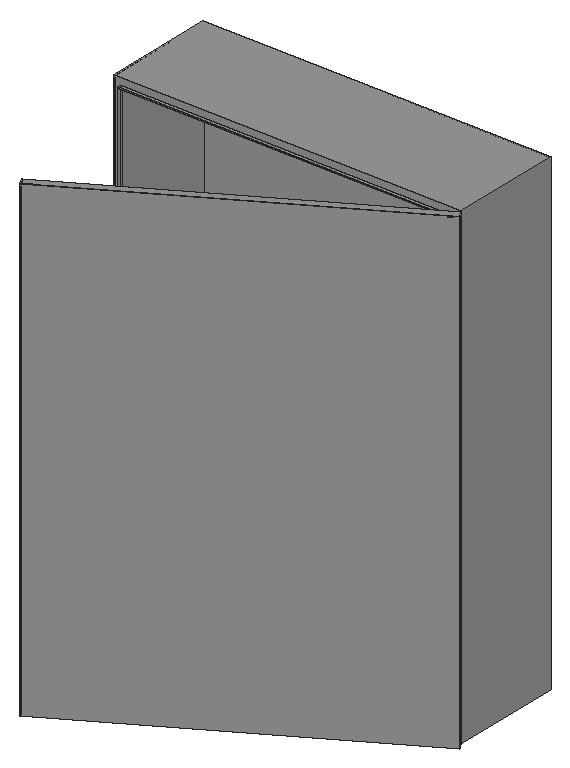
Revit family "Hager-Univers-IP55-D275-H1100-Cl.II-Steel_encl-NoHosted-DE-de", category Equipement électrique, Revit 2020
Family settings
  Configuration du panneau = Deux colonnes, circuits au sein
  Cote de connecteur circulaire = Utiliser le diamètre
  Type d'élément = Tableau de raccordement
  Basée sur le plan de construction = Oui
  Toujours verticalement = Oui
  Couper avec des vides une fois chargée = Non
  Partagée = Non
  Point de calcul de pièce = Non
Parameters (values of type "Aufputz IP55 B800 H1100 T275  - FR73S")
  Width Control [instance] = if([EF000008 - Breite] > Min Width, [EF000008 - Breite], Min Width)  # 800 mm
  Commentaires du type = [HG000003 - Bereich]  # "Univers"
  Thickness Door [instance] = if([EF009171 - Materialstärke Tür/Deckel] > 3 mm, 3 mm, [EF009171 - Materialstärke Tür/Deckel])  # 1.5 mm
  Seal Frame Offset [instance] = 17 mm  # constant formula
  Plinth Visibility [instance] = [HG000027 - Sockelhöhe] > 0 mm  # no
  Min Width [instance] = 100 mm  # constant formula
  Min Depth [instance] = (2 * [EF009170 - Materialstärke Gehäuse]) + 1 mm  # 4 mm
  Min Height [instance] = 100 mm  # constant formula
  Internal Frame Depth [instance] = (Door System Depth * 0.5)  # 9 mm
  Panel Name [instance] = ""  # (empty or 0)
  Model = ""
  HG000027 - Sockelhöhe = 0 mm
  HG000026 - Stehend auf dem Boden = no
  HG000024 - Höhe des unteren Teils = 600 mm
  HG000023 - Gehäuse mit doppeltem Querschnitt = no
  HG000016 - 3D-Türsichtbarkeit [instance] = yes
  HG000015 - Sichtbarkeit der Türöffnung [instance] = no
  HG000014 - Tür rechts [instance] = yes
  HG000013 - Tür links [instance] = not([HG000014 - Tür rechts])  # no
  HG000012 - Türschwenkwinkel [instance] = 30.00°
  HG000010 - Asymmetrische Türen = no
  HG000009 - Doppelflügeligen Tür = no
  HG000006 - Unterputz = no
  HG000004 - Herstellerreferenz = "FR73S"
  HG000003 - Bereich = "Univers"
  HG000002 - Mit tür = yes
  Frame Offset Bottom [instance] = 10 mm  # constant formula
  Frame Offset [instance] = 15 mm  # constant formula
  EF015940 - Deckel mit Überdruckentlastung = no
  EF011959 - Schutzart (NEMA) = ""
  EF009554 - Anzahl der Öffnungen für Flanschplatten = 6
  EF009212 - Ausführung Deckel = "EV000116 - geschlossen"
  EF009171 - Materialstärke Tür/Deckel = 1.5 mm
  EF009170 - Materialstärke Gehäuse = 1.5 mm
  EF008873 - Nennstrom (In) = 800 A
  EF007800 - Geeignet für Blitzschutz = no
  EF006306 - Mit Schloss = no
  EF006244 - Transparenter Deckel/Tür = no
  EF005474 - Schutzart (IP) = "EV006420 - IP55"
  EF004464 - Art der Tür = "EV002646 - Einzel"
  EF004427 - Anzahl der Module = 252
  EF004293 - Schlagfestigkeit = "EV008784 - IK10"
  EF003532 - Geeignet für Außengebrauch = no
  EF002950 - Breite in Teilungseinheiten = 24
  EF001613 - Funktionserhalt = "EV000494 - ohne"
  EF001596 - Werkstoff des Gehäuses = "EV000179 - Stahl"
  EF001131 - Innentiefe = 275 mm
  EF001088 - Anbaumöglichkeit = yes
  EF000437 - Anzahl der Leitungseinführungen = 6
  EF000339 - Art der Abdeckung = "EV004216 - Tür"
  EF000266 - Anzahl der Reihen = 7
  EF000218 - Einbautiefe = 0 mm
  EF000118 - Mit Montageplatte = no
  EF000116 - RAL-Nummer = "7035"
  EF000049 - Tiefe = 275 mm
  EF000040 - Höhe = 1100 mm
  EF000008 - Breite = 800 mm
  EF000007 - Farbe = "EV000270 - grau"
  EF000003 - Montageart = "EV000384 - Aufputz"
  Door System Leaf Tolerance [instance] = 1.5 mm  # constant formula
  Door System Depth [instance] = 18 mm  # constant formula
  Door Height [instance] = Height Control - [HG000027 - Sockelhöhe]  # 1100 mm
  Description = ""
  Default Elevation = 1219.2 mm
  Connector Offset [instance] = Height Control / 2  # 550 mm
  Fabricant = "Hager"  # constant formula
  Height Control [instance] = if([EF000040 - Höhe] > Min Height, [EF000040 - Höhe], Min Height)  # 1100 mm
  Depth Control [instance] = if([EF000049 - Tiefe] > Min Depth, [EF000049 - Tiefe], Min Depth)  # 275 mm
  Bottom Top Plate Trim [instance] = 1.5 mm  # constant formula
  Plinth height Ctrl [instance] = if([HG000027 - Sockelhöhe] > 0 mm, [HG000027 - Sockelhöhe], 12 mm)  # 12 mm
Types (5, lengths in mm): name | Width Control | HG000010 - Asymmetrische Türen | HG000009 - Doppelflügeligen Tür | HG000004 - Herstellerreferenz | EF009554 - Anzahl der Öffnungen für Flanschplatten | EF004464 - Art der Tür | EF004427 - Anzahl der Module | EF000437 - Anzahl der Leitungseinführungen | EF000008 - Breite
  Aufputz IP55 B1050 H1100 T275  - FR74S | 1050 | no | yes | "FR74S" | 8 | "EV003602 - Doppel" | 336 | 8 | 1050
  Aufputz IP55 B1300 H1100 T275  - FR75S | 1300 | yes | yes | "FR75S" | 10 | "EV003602 - Doppel" | 420 | 10 | 1300
  Aufputz IP55 B300 H1100 T275  - FR71S | 300 | no | no | "FR71S" | 2 | "EV002646 - Einzel" | 84 | 2 | 300
  Aufputz IP55 B550 H1100 T275  - FR72S | 550 | no | no | "FR72S" | 4 | "EV002646 - Einzel" | 168 | 4 | 550
  Aufputz IP55 B800 H1100 T275  - FR73S | 800 | no | no | "FR73S" | 6 | "EV002646 - Einzel" | 252 | 6 | 800
Reference planes
  plane 1 "Center (Front/Back)": y = 0
  plane 2: z = 0
  plane 3 "Center (Left/Right)": x = 0
  plane 4: y = 0
  plane 5: y = 0
  plane 6: z = 0
  plane 7: x = -400
  plane 8: x = 400
  plane 9: x = 398.5
  plane 10: x = -398.5
  plane 11: z = 0
  plane 12: z = 1.5
  plane 13: y = -275
  plane 14: y = -1.5
  plane 15: x = 0
  plane 16: y = -257
  plane 17: y = -273.5
  plane 18: y = -255.5
  plane 19: x = -383.5
  plane 20: x = 383.5
  plane 21: z = 11.5
  plane 22: x = -383
  plane 23: x = 383
  plane 24: z = 0
  plane 25: z = 1100
  plane 26: z = 1100
  plane 27: z = 1083.5
  plane 28: z = 1098.5
Forms (mm)
  Extrusion 1, solid, material "Hager_Steel_RAL7035_Light_Grey", detail levels medium+fine
    sketch origin (-208.679, -4572, 0) x (-1, 0, 0) y (0, -1, 0)
      loop
        line (191.321, -4315) -> (-608.679, -4315) -> (-608.679, -4572) -> (191.321, -4572) -> (191.321, -4315)
    from 0 to 1100
  Extrusion 2, void
    sketch origin (-350.771, -275, 1219.2) x (1, 0, 0) y (0, 0, 1)
      loop
        line (-47.729, -120.7) -> (-47.729, -1217.7) -> (749.271, -1217.7) -> (749.271, -120.7) -> (-47.729, -120.7)
    from -19.5 to -273.5
  Extrusion 3, void
    sketch origin (-290.084, -257, 1219.2) x (1, 0, 0) y (0, 0, 1)
      loop
        line (-93.416, -1207.7) -> (673.584, -1207.7) -> (673.584, -135.7) -> (-93.416, -135.7) -> (-93.416, -1207.7)
    from 0 to -1.5
  Extrusion 4, solid, material "Hager_Steel_RAL7035_Light_Grey", visible <- "Plinth Visibility", detail levels medium+fine
    sketch origin (0, 0, 0) x (1, 0, 0) y (0, 1, 0)
      loop
        line (-400, 0) -> (-400, -257) -> (400, -257) -> (400, 0) -> (-400, 0)
    from 0 to 12 <- "Plinth height Ctrl"
  Extrusion 5, solid, material "Hager_Steel_RAL7035_Light_Grey", detail levels coarse
    sketch origin (0, 0, 0) x (1, 0, 0) y (0, 1, 0)
      loop
        line (-400, 0) -> (-400, -275) -> (400, -275) -> (400, 0) -> (-400, 0)
    from 0 to 1100 <- "Height Control"
  Sweep 6, void
    path in 3D
      loop
        line (-400, -257, 12) -> (400, -257, 12) -> (400, 0, 12) -> (-400, 0, 12) -> (-400, -257, 12)
    profile origin (-400, -128.5, 12) x (1, 0, 0) y (0, 0, 1)
      loop
        line (0, 0) -> (0, -1.5) -> (1.5, -1.5)
        arc (1.5, -1.5) -> (1.061, -0.439) -> (0, 0) r 1.5
  Extrusion 7, solid, material "Hager_Steel_RAL7035_Light_Grey", detail levels fine
    sketch origin (-400, -257, 0) x (1, 0, 0) y (0, 0, 1)
      loop
        line (16.5, 11.5) -> (783.5, 11.5) -> (783.5, 1083.5) -> (16.5, 1083.5) -> (16.5, 11.5)
      loop
        line (15, 10) -> (785, 10) -> (785, 1085) -> (15, 1085) -> (15, 10)
    from 0 to 9 <- "Internal Frame Depth"
Cuts and joins
  Extrusion 2, Extrusion 3 cuts Extrusion 1
  Sweep 6 cuts Extrusion 4
Lines and regions (mm)
  Masking region 1
    outline origin (0, 0, 0) x (1, 0, 0) y (0, 1, 0)
      loop
        line (-400, 0) -> (-400, -275) -> (400, -275) -> (400, 0) -> (-400, 0)
  Masking region 2, detail levels coarse
    outline origin (-290.084, -257, 1219.2) x (-1, 0, 0) y (0, 0, 1)
      loop
        line (-690.084, -1219.2) -> (109.916, -1219.2) -> (109.916, -119.2) -> (-690.084, -119.2) -> (-690.084, -1219.2)
  Masking region 3, detail levels coarse
    outline origin (0, 0, 0) x (0, 1, 0) y (0, 0, 1)
      loop
        line (0, 0) -> (0, 1100) -> (-275, 1100) -> (-275, 0) -> (0, 0)
  Masking region 4, visible <- "Plinth Visibility", detail levels medium+fine
    outline origin (0, 0, 0) x (0, 1, 0) y (0, 0, 1)
      loop
        line (-1.5, 12) -> (-255.5, 12)
        arc (-255.5, 12) -> (-255.939, 10.939) -> (-257, 10.5) r 1.5
        line (-257, 10.5) -> (-257, 0) -> (0, 0) -> (0, 10.5)
        arc (0, 10.5) -> (-1.061, 10.939) -> (-1.5, 12) r 1.5
  Masking region 5, detail levels medium+fine
    outline origin (0, 0, 594.038) x (0, 1, 0) y (0, 0, 1)
      loop
        line (0, -594.038) -> (0, 505.962) -> (-257, 505.962) -> (-257, -594.038) -> (0, -594.038)
  Masking region 6, detail levels medium+fine
    outline origin (-359.7, -257, 1211.883) x (-1, 0, 0) y (0, 0, 1)
      loop
        line (-759.7, -1211.883) -> (40.3, -1211.883) -> (40.3, -111.883) -> (-759.7, -111.883) -> (-759.7, -1211.883)
  Masking region 7, visible <- "Plinth Visibility", detail levels medium+fine
    outline origin (-320.334, -257, 1041.368) x (-1, 0, 0) y (0, 0, 1)
      loop
        line (-720.334, -1041.368) -> (79.666, -1041.368) -> (79.666, -1030.868)
        arc (79.666, -1030.868) -> (78.606, -1030.429) -> (78.166, -1029.368) r 1.5
        line (78.166, -1029.368) -> (-718.834, -1029.368)
        arc (-718.834, -1029.368) -> (-719.273, -1030.429) -> (-720.334, -1030.868) r 1.5
        line (-720.334, -1030.868) -> (-720.334, -1041.368)
  sketch lines
    curve 1: line (-400, 0, 12) -> (-400, -257, 12)
    curve 2: line (-400, -257, 12) -> (400, -257, 12)
    curve 3: line (400, 0, 12) -> (-400, 0, 12)
    curve 4: line (400, -257, 12) -> (400, 0, 12)
Dimensions and locks
  locked: plane 1 "Center (Front/Back)" to plane 5
  "EF009170 - Materialstärke Gehäuse": plane 7 to plane 10
  "EF009170 - Materialstärke Gehäuse": plane 8 to plane 9
  equal spacing: plane 7, plane 3 "Center (Left/Right)", plane 8
  "Width Control": plane 7 to plane 8
  "Depth Control": plane 4 to plane 13
  "EF009170 - Materialstärke Gehäuse": plane 4 to plane 14
  "Height Control": plane 25 to level
  "HG000027 - Sockelhöhe": plane 11 to level
  "EF009170 - Materialstärke Gehäuse": plane 12 to plane 11
  "EF009170 - Materialstärke Gehäuse": plane 17 to plane 13
  "EF009170 - Materialstärke Gehäuse": plane 18 to plane 16
  "Frame Offset Bottom": plane 21 to plane 12
  "Frame Offset": plane 10 to plane 19
  "Frame Offset": plane 9 to plane 20
  "Door System Depth": plane 16 to plane 13
  "Seal Frame Offset": plane 7 to plane 22
  "Seal Frame Offset": plane 8 to plane 23
  "EF009170 - Materialstärke Gehäuse": plane 26 to plane 28
  "Frame Offset": plane 28 to plane 27
  "Connector Offset": plane 2 to connector elem
  "Bottom Top Plate Trim": profile plane to Sweep 6 sketch curve
  "Bottom Top Plate Trim": Sweep 6 sketch curve to Sweep 6 sketch curve
  "Plinth height Ctrl": Masking region 4 sketch curve to level
  "Plinth height Ctrl": Masking region 7 sketch curve to level
  "Thickness Door": Extrusion 7 sketch curve to Extrusion 7 sketch curve  (x4)
  "Bottom Top Plate Trim": radius of Sweep 6 sketch curve
  "Bottom Top Plate Trim": radius of Masking region 4 sketch curve  (x2)
  "Bottom Top Plate Trim": radius of Masking region 7 sketch curve  (x2)
  aligned and locked: Extrusion 2 sketch curve to plane 12
  aligned and locked: Extrusion 2 sketch curve to plane 9
  aligned and locked: Extrusion 2 sketch curve to plane 10
  aligned and locked: Extrusion 2 to plane 14
  aligned and locked: Extrusion 1 sketch curve to plane 4
  aligned and locked: plane 8 to Extrusion 1 sketch curve
  aligned and locked: plane 7 to Extrusion 1 sketch curve
  aligned and locked: Extrusion 2 to plane 18
  aligned and locked: Extrusion 3 sketch curve to plane 19
  aligned and locked: plane 20 to Extrusion 3 sketch curve
  aligned and locked: Extrusion 3 to Extrusion 2
  aligned and locked: Extrusion 3 sketch curve to plane 21
  aligned and locked: plane 3 "Center (Left/Right)" to nested 1
  aligned and locked: Extrusion 1 sketch curve to plane 16
  aligned and locked: Extrusion 4 sketch curve to cut or joined group of Extrusion 1, Extrusion 2, Extrusion 3
  aligned and locked: Masking region 1 sketch curve to plane 7
  aligned and locked: Masking region 1 sketch curve to plane 5
  aligned and locked: Masking region 1 sketch curve to plane 8
  aligned and locked: Masking region 2 sketch curve to level
  aligned and locked: level to Masking region 3 sketch curve
  aligned and locked: plane 1 "Center (Front/Back)" to Masking region 3 sketch curve
  aligned and locked: plane 13 to Masking region 3 sketch curve
  aligned and locked: plane 5 to Masking region 4 sketch curve
  aligned and locked: Masking region 2 sketch curve to plane 8
  aligned and locked: Masking region 2 sketch curve to plane 7
  aligned and locked: plane 7 to nested 2
  aligned and locked: nested 2 to plane 5
  aligned and locked: plane 5 to Masking region 5 sketch curve
  aligned and locked: plane 26 to Masking region 5 sketch curve
  aligned and locked: Extrusion 5 sketch curve to plane 8
  aligned and locked: Extrusion 5 sketch curve to plane 7
  aligned and locked: Extrusion 5 sketch curve to plane 5
  aligned and locked: Extrusion 3 sketch curve to plane 27
  aligned and locked: Extrusion 2 sketch curve to plane 28
  aligned and locked: Masking region 2 to plane 25
  aligned and locked: Extrusion 4 to plane 16
  aligned and locked: profile plane to Sweep 6 sketch curve
  aligned and locked: Masking region 5 sketch curve to plane 24
  aligned and locked: level to Masking region 4 sketch curve
  aligned and locked: Masking region 1 to plane 13
  aligned and locked: nested 1 to plane 16
  aligned and locked: Masking region 3 to plane 25
  aligned and locked: plane 16 to Masking region 4 sketch curve
  aligned and locked: Masking region 5 sketch curve to plane 16
  aligned and locked: plane 24 to plane 11
  aligned and locked: plane 26 to plane 25
  aligned and locked: plane 26 to cut or joined group of Extrusion 1, Extrusion 2, Extrusion 3
  aligned and locked: nested 1 to plane 24
  aligned and locked: Extrusion 1 to Extrusion 3
  aligned and locked: Masking region 6 sketch curve to plane 8
  aligned and locked: Masking region 6 sketch curve to plane 24
  aligned and locked: Masking region 6 sketch curve to plane 7
  aligned and locked: Masking region 6 sketch curve to plane 26
  aligned and locked: Masking region 7 sketch curve to plane 7
  aligned and locked: level to Masking region 7 sketch curve
  aligned and locked: Masking region 7 sketch curve to plane 8
  aligned and locked: Extrusion 7 sketch curve to cut or joined group of Extrusion 1, Extrusion 2, Extrusion 3  (x4)
Automatic sketch dimensions
  plane 19 to Extrusion 3 sketch curve = 0 mm
  Extrusion 3 sketch curve to plane 20 = 0 mm
  Extrusion 3 sketch curve to plane 21 = 0 mm
  Extrusion 4 sketch curve to plane 7 = 0 mm
  Extrusion 4 sketch curve to plane 8 = 0 mm
  Extrusion 4 sketch curve to plane 16 = 0 mm
  Masking region 1 sketch curve to plane 13 = 0 mm
  Masking region 2 sketch curve to plane 25 = 0 mm
  Masking region 3 sketch curve to plane 25 = 0 mm
  Extrusion 5 sketch curve to plane 13 = 0 mm
  profile plane to Sweep 6 sketch curve = 0 mm
Nested families
  nested 1: "EC000058_Univers_Door" at (0, -257, 0), Double <- "HG000009 - Doppelflügeligen Tür", Transparent <- "EF006244 - Transparenter Deckel/Tür", Angle <- "HG000012 - Türschwenkwinkel", Door_Right <- "HG000014 - Tür rechts", Assymetrical <- "HG000010 - Asymmetrische Türen", Door <- "HG000002 - Mit tür", Width_Ctrl <- "Width Control", 3d_Door <- "HG000016 - 3D-Türsichtbarkeit", Clearance <- "HG000015 - Sichtbarkeit der Türöffnung", Door_Left <- "HG000013 - Tür links", Width <- "Width Control", Door_Depth <- "Door System Depth", Leaf_Tolerance <- "Door System Leaf Tolerance", Height <- "Door Height", Lock_Visibility <- "EF006306 - Mit Schloss", Thickness <- "Thickness Door", type "EC000058_Univers_Door", detail levels medium+fine
    with min_wh 4 mm, Width_Ctrl 800 mm, Width 800 mm, Transparent no, Thickness 1.5 mm, Seal_Material Hager_Rubber, Lock_Visibility no, Lock_Material Hager_Plastic_RAL9005_Jet_Black, Leaf_Width 800 mm, Leaf_Tolerance_External_Sides 0 mm, Leaf_Tolerance 1.5 mm, Leaf_Offset 0 mm, Leaf_Height 1097 mm, Leaf_2_Width 800 mm, Leaf_2_Offset 400 mm, Leaf_1_Width 800 mm, Leaf_1_Offset 400 mm, Height_Ctrl 1100 mm, Height 1100 mm, Glass_Material Hager_Glass, Double_Clearance_Ctrl no, Double no, Door_Right_Ctrl yes, Door_Right yes, Door_Material Hager_Steel_RAL7035_Light_Grey, Door_Left_Ctrl no, Door_Left no, Door_Depth 18 mm, Door yes, Clearance_Material Hager_Clearance, Clearance_Depth 800 mm, Clearance_Ctrl no, Clearance no, Assymetrical no, Angle 30.00°, 3d_Door yes
  nested 2: "Hager_Enclosure_Symbol" at (-400, 0, 0), Height <- "Depth Control", Width <- "Width Control", type "Hager_Enclosure_Symbol"
    with Width_Ctrl 800 mm, Width 800 mm, Height_Ctrl 275 mm, Height 275 mm, A_Width_Int 18.047 mm, A_Width 216.562 mm, A_Height_Ctrl 240.625 mm, A_Height 240.625 mm
Connectors
  electrical at (0, 0, 550)
    settings: on plane 1 "Center (Front/Back)", index 1, voltage 0 V, apparent load 0 VA, apparent load phase1 0 VA, apparent load phase2 0 VA, apparent load phase3 0 VA, power factor 1, load classification "Other", number of poles 1, system type 30, power factor state 1, is connector primary yes, connector utility no, sub classification motor no, connector description ""
Definition of nested family "EC000058_Univers_Door"
  Parameters (values of type "EC000058_Univers_Door")
    min_wh [instance] = (2 * Thickness) + 1 mm  # 11 mm
    Width_Ctrl [instance] = 400 mm
    Width [instance] = 500 mm
    Transparent [instance] = yes
    Thickness [instance] = 5 mm
    Seal_Material [instance] = none
    Lock_Visibility [instance] = yes
    Lock_Material [instance] = none
    Leaf_Width [instance] = if((Width_Ctrl - 2 * Leaf_Tolerance_External_Sides) > 0 mm, (Width_Ctrl - 2 * Leaf_Tolerance_External_Sides), min_wh)  # 400 mm
    Leaf_Tolerance_External_Sides [instance] = 0 mm  # constant formula
    Leaf_Tolerance [instance] = 1.5 mm
    Leaf_Offset [instance] = 0 mm  # constant formula
    Leaf_Height [instance] = if((Height_Ctrl - 2 * Leaf_Tolerance) > 0 mm, (Height_Ctrl - 2 * Leaf_Tolerance), min_wh)  # 497 mm
    Leaf_2_Width [instance] = if(and(and(Double, Assymetrical), Door_Left), (Leaf_Width / 3) - (Leaf_Tolerance / 2), if(and(and(Double, Assymetrical), Door_Right), (Leaf_Width / 3) * 2 - (Leaf_Tolerance / 2), if(and(Double, not(Assymetrical)), (Leaf_Width / 2) - Leaf_Tolerance, Leaf_Width)))  # 400 mm
    Leaf_2_Offset [instance] = if(and(Double, Assymetrical), Leaf_2_Width / 2, if(and(Double, not(Assymetrical)), Leaf_Width / 4, Leaf_Width / 2))  # 200 mm
    Leaf_1_Width [instance] = if(and(and(Double, Assymetrical), Door_Right), (Leaf_Width / 3) - (Leaf_Tolerance / 2), if(and(and(Double, Assymetrical), Door_Left), (Width / 3) * 2 - (Leaf_Tolerance / 2), if(and(Double, not(Assymetrical)), (Leaf_Width / 2) - Leaf_Tolerance, Leaf_Width)))  # 400 mm
    Leaf_1_Offset [instance] = if(and(Double, Assymetrical), Leaf_1_Width / 2, if(and(Double, not(Assymetrical)), Leaf_Width / 4, Leaf_Width / 2))  # 200 mm
    Height_Ctrl [instance] = if(Height > min_wh, Height, min_wh)  # 500 mm
    Height [instance] = 500 mm
    Glass_Material [instance] = none
    Double_Clearance_Ctrl [instance] = and(Double, Clearance)  # no
    Double [instance] = no
    Door_Right_Ctrl [instance] = and(or(Door_Right, Double), Door)  # yes
    Door_Right [instance] = yes
    Door_Material [instance] = none
    Door_Left_Ctrl [instance] = and(or(Door_Left, Double), Door)  # no
    Door_Left [instance] = no
    Door_Depth [instance] = 30 mm
    Door [instance] = yes
    Default Elevation = 1219.2 mm
    Clearance_Material [instance] = none
    Clearance_Depth [instance] = if(Leaf_1_Width > Leaf_2_Width, Leaf_1_Width, Leaf_2_Width)  # 400 mm
    Clearance_Ctrl [instance] = and(not(Double), Clearance)  # yes
    Clearance [instance] = yes
    Assymetrical [instance] = yes
    Angle [instance] = 30.00°
    3d_Door [instance] = yes
  Reference planes
    plane 1 "Center (Front/Back)": y = 0
    plane 2 "Bottom": z = 0
    plane 3 "Center (Left/Right)": x = 0
    plane 4: z = 500
    plane 5: x = -200
    plane 6: x = 200
    plane 7: z = 500
    plane 8: x = -200
    plane 9: z = 0
    plane 10: x = 200
    plane 11: y = 0
    plane 12: z = 1.5
    plane 13: x = -600
    plane 14: y = -400
    plane 15: x = 600
    plane 16: x = 0
    plane 17: x = 0
    plane 18: x = -200
    plane 19: x = 200
    plane 20: z = 498.5
  Forms (mm)
    Extrusion 1, solid, material <- "Clearance_Material", visible <- "Double_Clearance_Ctrl"
      sketch origin (1200, 0, 0) x (1, 0, 0) y (0, 0, -1)
        loop
          line (-1800, -498.5) -> (-600, -498.5) -> (-600, 0) -> (-1800, 0) -> (-1800, -498.5)
      from 0 to -400
  Dimensions and locks
    equal spacing: plane 5, plane 3 "Center (Left/Right)", plane 6
    "Width_Ctrl": plane 5 to plane 6
    "Leaf_Offset": plane 5 to plane 8
    "Leaf_Offset": plane 6 to plane 10
    "Leaf_Offset": plane 9 to level
    "Leaf_Offset": plane 4 to plane 7
    "Height_Ctrl": plane 4 to level
    "Leaf_Tolerance": plane 12 to plane 9
    locked: plane 11 to plane 1 "Center (Front/Back)"
    "Leaf_1_Offset": plane 18 to plane 16
    "Leaf_2_Offset": plane 17 to plane 19
    "Leaf_1_Width": plane 13 to plane 8
    "Leaf_2_Width": plane 10 to plane 15
    "Clearance_Depth": plane 14 to plane 1 "Center (Front/Back)"
    "Leaf_Tolerance_External_Sides": plane 8 to plane 18
    "Leaf_Tolerance_External_Sides": plane 19 to plane 10
    "Leaf_Tolerance": plane 7 to plane 20
    aligned and locked: level to plane 2 "Bottom"
    aligned and locked: nested 1 to plane 16
    aligned and locked: nested 2 to plane 17
    aligned and locked: Extrusion 1 to plane 13
    aligned and locked: plane 15 to Extrusion 1
    aligned and locked: Extrusion 1 to plane 14
    aligned and locked: plane 12 to nested 1
    aligned and locked: nested 2 to plane 12
    aligned and locked: Extrusion 1 to plane 11
    aligned and locked: plane 20 to Extrusion 1
    aligned and locked: nested 2 to plane 11
    aligned and locked: nested 1 to plane 11
  Automatic sketch dimensions
    Extrusion 1 sketch curve to level = 0 mm
    plane 5 to Extrusion 1 sketch curve = 400 mm
    plane 6 to Extrusion 1 sketch curve = 400 mm
    Extrusion 1 sketch curve to plane 4 = 1.5 mm
  Nested families
    nested 1: "EC000058_Univers_Door_Leaf" at (0, 0, 1.5), Width <- "Leaf_1_Width", visible <- "Door_Left_Ctrl", Leaf_Height <- "Leaf_Height", Angle <- "Angle", 3d_Door <- "3d_Door", Transparent <- "Transparent", Clearance Material <- "Clearance_Material", Clearance <- "Clearance_Ctrl", Door_Material <- "Door_Material", Glass_Material <- "Glass_Material", Door_Depth <- "Door_Depth", Lock_Material <- "Lock_Material", Seal_Material <- "Seal_Material", Lock_Visibility <- "Lock_Visibility", Thickness <- "Thickness", type "EC000058_Univers_Door_Leaf"
      with Width 400 mm, Transparent_Glass_Offset 30 mm, Transparent_Ctrl yes, Transparent yes, Thickness 5 mm, Standard no, Seal_Material none, Seal_D2 8 mm, Seal_D1 1 mm, Offset_Internal_Frame 10 mm, Lock_Width 20 mm, Lock_Visibility_3d yes, Lock_Visibility yes, Lock_Thickness_3 3 mm, Lock_Thickness_2 1 mm, Lock_Thickness_1 3 mm, Lock_Radius_Offset_2 16 mm, Lock_Radius_Offset_1 15 mm, Lock_Radius_2 5 mm, Lock_Radius 6 mm, Lock_Offset 5 mm, Lock_Material none, Lock_Height 80 mm, Lock_Cover_Top_Offset_2d 17 mm, Lock_Cover_Height -65 mm, Leaf_Height 497 mm, Internal_Seal_Thickness 8 mm, Internal_Seal_Depth_2 4.5 mm, Internal_Frame_Depth 25 mm, Glass_Thickness -1 mm, Glass_Offset -2 mm, Glass_Material none, Door_Material none, Door_Depth 30 mm, Clearance Material none, Clearance yes, Angle_Ctrl 30.00°, Angle 30.00°, 3d_Door yes
    nested 2: "EC000058_Univers_Door_Leaf" at (0, 0, 1.5) x (-1, 0, 0) z (0, 0, 1), Width <- "Leaf_2_Width", visible <- "Door_Right_Ctrl", Leaf_Height <- "Leaf_Height", Angle <- "Angle", 3d_Door <- "3d_Door", Transparent <- "Transparent", Clearance Material <- "Clearance_Material", Clearance <- "Clearance_Ctrl", Door_Material <- "Door_Material", Glass_Material <- "Glass_Material", Door_Depth <- "Door_Depth", Lock_Material <- "Lock_Material", Seal_Material <- "Seal_Material", Lock_Visibility <- "Lock_Visibility", Thickness <- "Thickness", type "EC000058_Univers_Door_Leaf"
      with Width 400 mm, Transparent_Glass_Offset 30 mm, Transparent_Ctrl yes, Transparent yes, Thickness 5 mm, Standard no, Seal_Material none, Seal_D2 8 mm, Seal_D1 1 mm, Offset_Internal_Frame 10 mm, Lock_Width 20 mm, Lock_Visibility_3d yes, Lock_Visibility yes, Lock_Thickness_3 3 mm, Lock_Thickness_2 1 mm, Lock_Thickness_1 3 mm, Lock_Radius_Offset_2 16 mm, Lock_Radius_Offset_1 15 mm, Lock_Radius_2 5 mm, Lock_Radius 6 mm, Lock_Offset 5 mm, Lock_Material none, Lock_Height 80 mm, Lock_Cover_Top_Offset_2d 17 mm, Lock_Cover_Height -65 mm, Leaf_Height 497 mm, Internal_Seal_Thickness 8 mm, Internal_Seal_Depth_2 4.5 mm, Internal_Frame_Depth 25 mm, Glass_Thickness -1 mm, Glass_Offset -2 mm, Glass_Material none, Door_Material none, Door_Depth 30 mm, Clearance Material none, Clearance yes, Angle_Ctrl 30.00°, Angle 30.00°, 3d_Door yes
  Definition of nested family "EC000058_Univers_Door_Leaf"
    Parameters (values of type "EC000058_Univers_Door_Leaf")
      Width [instance] = 2000 mm
      Transparent_Glass_Offset [instance] = 30 mm
      Transparent_Ctrl [instance] = and(Transparent, [3d_Door])  # yes
      Transparent [instance] = yes
      Thickness [instance] = 5 mm
      Standard [instance] = and(not(Transparent), [3d_Door])  # no
      Seal_Material [instance] = none
      Seal_D2 [instance] = 8 mm  # constant formula
      Seal_D1 [instance] = 1 mm  # constant formula
      Offset_Internal_Frame [instance] = 10 mm  # constant formula
      Lock_Width [instance] = 20 mm  # constant formula
      Lock_Visibility_3d [instance] = and(Lock_Visibility, [3d_Door])  # yes
      Lock_Visibility [instance] = yes
      Lock_Thickness_3 [instance] = 3 mm  # constant formula
      Lock_Thickness_2 [instance] = 1 mm  # constant formula
      Lock_Thickness_1 [instance] = 3 mm  # constant formula
      Lock_Radius_Offset_2 [instance] = Lock_Radius_Offset_1 + 1 mm  # 16 mm
      Lock_Radius_Offset_1 [instance] = 15 mm  # constant formula
      Lock_Radius_2 [instance] = Lock_Radius - 1 mm  # 5 mm
      Lock_Radius [instance] = 6 mm  # constant formula
      Lock_Offset [instance] = 5 mm  # constant formula
      Lock_Material [instance] = none
      Lock_Height [instance] = 80 mm  # constant formula
      Lock_Cover_Top_Offset_2d [instance] = Lock_Radius_Offset_2 + 1 mm  # 17 mm
      Lock_Cover_Height [instance] = -(Lock_Height - Lock_Radius_Offset_1)  # -65 mm
      Leaf_Height [instance] = 2720.336 mm
      Internal_Seal_Thickness [instance] = 8 mm  # constant formula
      Internal_Seal_Depth_2 [instance] = 4.5 mm  # constant formula
      Internal_Frame_Depth [instance] = if(Door_Depth - Thickness > 5 mm, Door_Depth - Thickness, 5 mm)  # 25 mm
      Glass_Thickness [instance] = if(Thickness > 15 mm, Glass_Offset + 10 mm, -1 mm)  # -1 mm
      Glass_Offset [instance] = if(Thickness > 15 mm, -(Thickness + 10 mm) / 2, -2 mm)  # -2 mm
      Glass_Material [instance] = none
      Door_Material [instance] = none
      Door_Depth [instance] = 30 mm
      Default Elevation = 0 mm
      Clearance Material [instance] = none
      Clearance [instance] = yes
      Angle_Ctrl [instance] = if(Angle > 180.00°, 180.00°, Angle)  # 90.00°
      Angle [instance] = 90.00°
      3d_Door [instance] = yes
    Reference planes
      plane 1 "Center (Front/Back)": y = 0
      plane 2: z = 0
      plane 3 "Center (Left/Right)": x = 0
      plane 4: y = 2000
      plane 5: x = -1000
      plane 6: x = 1000
      plane 7: x = -3000
      plane 8: z = 2720.336
      plane 9: z = 30
      plane 10: z = 2690.336
      plane 11: x = 970
      plane 12: x = -970
      plane 13: y = -3
      plane 14: z = 107.833
      plane 15: y = -5
      plane 16: y = -223.314
      plane 17: x = -1000
      plane 18: z = 1360.168
      plane 19: y = 30
    Forms (mm)
      Extrusion 1, solid, material <- "Clearance Material", visible <- "Clearance"
        sketch origin (0, 0, 0) x (1, 0, 0) y (0, 0, 1)
          loop
            line (-3000, 2720.336) -> (-3000, 0) -> (1000, 0) -> (1000, 2720.336) -> (-3000, 2720.336)
        from 0 to -2000
      Extrusion 2, solid, material <- "Door_Material", visible <- "Standard", detail levels medium+fine
        sketch origin (-1000, 0, 0) x (0, 1, 0) y (-1, 0, 0)
          loop
            line (0, 30) -> (0, 25) -> (2000, 25) -> (2000, 30) -> (0, 30)
        from 0 to 2720.336 <- "Leaf_Height"
      Extrusion 3, solid, material <- "Door_Material", visible <- "Transparent_Ctrl", detail levels medium+fine
        sketch origin (-1000, 0, 0) x (0, 1, 0) y (-1, 0, 0)
          loop
            line (0, 25) -> (2000, 25) -> (2000, 30) -> (0, 30) -> (0, 25)
        from 0 to 2720.336 <- "Leaf_Height"
      Extrusion 4, void
        sketch origin (-1025, 2000, 0) x (0, 1, 0) y (0, 0, -1)
          loop
            line (-30, -2690.336) -> (-30, -30) -> (-1970, -30) -> (-1970, -2690.336) -> (-30, -2690.336)
        from 0 to 5 <- "Thickness"
      Sweep 5, solid, material <- "Seal_Material", visible <- "Transparent_Ctrl", detail levels fine
        path in 3D
          loop
            line (-1025, 30, 30) -> (-1025, 30, 2690.336) -> (-1025, 1970, 2690.336) -> (-1025, 1970, 30) -> (-1025, 30, 30)
        profile origin (-1025, 1000, 30) x (1, 0, 0) y (0, 0, 1)
          loop
            line (0, 0) -> (0, -8) -> (1, -8) -> (1, 0) -> (0, 0)
      Extrusion 6, solid, material <- "Glass_Material", visible <- "Transparent_Ctrl", detail levels medium+fine
        sketch origin (-1030, 0, 0) x (0, 1, 0) y (0, 0, -1)
          loop
            line (1970, -2690.336) -> (1970, -30) -> (30, -30) -> (30, -2690.336) -> (1970, -2690.336)
        from -2 <- "Glass_Offset" to -1 <- "Glass_Thickness"
      Extrusion 7, solid, material <- "Door_Material", visible <- "3d_Door", detail levels medium+fine
        sketch origin (-1025, 2000, 0) x (0, -1, 0) y (0, 0, -1)
          loop
            line (0, -2720.336) -> (2000, -2720.336) -> (2000, 0) -> (0, 0) -> (0, -2720.336)
          loop
            line (1995, -5) -> (5, -5) -> (5, -2715.336) -> (1995, -2715.336) -> (1995, -5)
        from 0 to 25 <- "Internal_Frame_Depth"
      Sweep 8, solid, material <- "Seal_Material", visible <- "Transparent_Ctrl", detail levels fine
        path in 3D
          loop
            line (-1025, 0, 0) -> (-1025, 2000, 0) -> (-1025, 2000, 2720.336) -> (-1025, 0, 2720.336) -> (-1025, 0, 0)
        profile origin (-1025, 0, 1360.168) x (1, 0, 0) y (0, 1, 0)
          loop
            line (0, 10) -> (2.975, 10)
            arc (2.975, 10) -> (4.053, 10.447) -> (4.5, 11.525) r 1.525
            line (4.5, 11.525) -> (4.5, 16.527)
            arc (4.5, 16.527) -> (4.069, 17.569) -> (3.027, 18) r 1.473
            line (3.027, 18) -> (0, 18) -> (0, 10)
      Extrusion 9, solid, material <- "Lock_Material", visible <- "Lock_Visibility_3d", detail levels fine
        sketch origin (-1030, 0, 0) x (0, 1, 0) y (0, 0, -1)
          loop
            arc (1993.5, -1400.168) -> (1994.561, -1399.729) -> (1995, -1398.668) r 1.5
            line (1995, -1398.668) -> (1995, -1320.168) -> (1975, -1320.168) -> (1975, -1398.668)
            arc (1975, -1398.668) -> (1975.439, -1399.729) -> (1976.5, -1400.168) r 1.5
            line (1976.5, -1400.168) -> (1993.5, -1400.168)
        from 3 <- "Lock_Thickness_1" to 0
      Blend 10, solid, material <- "Lock_Material", visible <- "Lock_Visibility_3d", detail levels fine
        base sketch origin (-1033, 0, 0) x (0, 1, 0) y (0, 0, -1)
          loop
            line (1975, -1320.168) -> (1975, -1398.668)
            arc (1975, -1398.668) -> (1975.439, -1399.729) -> (1976.5, -1400.168) r 1.5
            line (1976.5, -1400.168) -> (1993.5, -1400.168)
            arc (1993.5, -1400.168) -> (1994.561, -1399.729) -> (1995, -1398.668) r 1.5
            line (1995, -1398.668) -> (1995, -1320.168) -> (1975, -1320.168)
        top sketch origin (-1033, 0, 0) x (0, 1, 0) y (0, 0, -1)
          loop
            line (1976, -1320.168) -> (1976, -1398.668)
            arc (1976, -1398.668) -> (1976.146, -1399.022) -> (1976.5, -1399.168) r 0.5
            line (1976.5, -1399.168) -> (1993.5, -1399.168)
            arc (1993.5, -1399.168) -> (1993.854, -1399.022) -> (1994, -1398.668) r 0.5
            line (1994, -1398.668) -> (1994, -1320.168) -> (1976, -1320.168)
        from 0 to 1 <- "Lock_Thickness_2"
      Blend 11, solid, material <- "Lock_Material", visible <- "Lock_Visibility_3d", detail levels fine
        base sketch origin (-1034, 0, 0) x (0, 1, 0) y (0, 0, -1)
          loop
            line (1978, -1320.168) -> (1978, -1384.168)
            arc (1978, -1384.168) -> (1985, -1391.168) -> (1992, -1384.168) r 7
            line (1992, -1384.168) -> (1992, -1320.168) -> (1978, -1320.168)
        top sketch origin (-1034, 0, 0) x (0, 1, 0) y (0, 0, -1)
          loop
            line (1991, -1320.168) -> (1979, -1320.168) -> (1979, -1383.168)
            arc (1979, -1383.168) -> (1985, -1389.168) -> (1991, -1383.168) r 6
            line (1991, -1383.168) -> (1991, -1320.168)
        from 0 to 3 <- "Lock_Thickness_3"
      Extrusion 12, solid, material <- "Lock_Material", visible <- "Lock_Visibility_3d", detail levels fine
        sketch origin (-1030, 1975, 1320.168) x (1, 0, 0) y (0, -1, 0)
          loop
            line (-7, -19) -> (-7, -1) -> (0, -1) -> (0, 0) -> (-8, 0) -> (-8, -20) -> (0, -20) -> (0, -19) -> (-7, -19)
        from 0 to -65 <- "Lock_Cover_Height"
      Extrusion 13, void
        sketch origin (-1038, 1995, 1320.168) x (-1, 0, 0) y (0, 0, -1)
          loop
            line (-5, -65) -> (0, -65) -> (-5, -60) -> (-5, -65)
        from 0 to 20 <- "Lock_Width"
      Extrusion 14, void
        sketch origin (-1038, 1975, 1320.168) x (0, -1, 0) y (0, 0, -1)
          loop
            circle (-10, -15.995) r 6
          loop
            circle (-10, -15.995) r 5
        from 0 to 2
      Extrusion 15, solid, material <- "Lock_Material", visible <- "Lock_Visibility_3d", detail levels medium
        sketch origin (-1030, 0, 0) x (0, 1, 0) y (0, 0, -1)
          loop
            arc (1993.5, -1400.168) -> (1994.561, -1399.729) -> (1995, -1398.668) r 1.5
            line (1995, -1398.668) -> (1995, -1320.168) -> (1975, -1320.168) -> (1975, -1398.668)
            arc (1975, -1398.668) -> (1975.439, -1399.729) -> (1976.5, -1400.168) r 1.5
            line (1976.5, -1400.168) -> (1993.5, -1400.168)
        from 8 to 0
    Cuts and joins
      Extrusion 4 cuts Extrusion 3
      Extrusion 13, Extrusion 14 cuts Extrusion 9
      Extrusion 14 cuts Blend 11
      Extrusion 13, Extrusion 14 cuts Extrusion 12
      joined: Extrusion 9, Blend 10, Blend 11, Extrusion 12
      Extrusion 14 cuts Extrusion 15
    Lines and regions (mm)
      Masking region 1, visible <- "Lock_Visibility", detail levels fine
        outline origin (0, 0, 0) x (0, 1, 0) y (0, 0, 1)
          loop
            line (30, 1320.168) -> (33, 1320.168) -> (33, 1400.168) -> (30, 1400.168) -> (30, 1320.168)
      Masking region 2, visible <- "Lock_Visibility", detail levels fine
        outline origin (0, 3.143, 0) x (0, 1, 0) y (0, 0, 1)
          loop
            line (29.857, 1354.168) -> (30.857, 1354.168) -> (30.857, 1366.168) -> (29.857, 1366.168) -> (29.857, 1354.168)
      Masking region 3, detail levels medium+fine
        outline origin (0, 0, 0) x (0, 1, 0) y (0, 0, 1)
          loop
            line (0, 0) -> (30, 0) -> (30, 2720.336) -> (0, 2720.336) -> (0, 0)
      Masking region 4, detail levels medium+fine
        outline origin (0, 0, 0) x (1, 0, 0) y (0, 0, 1)
          loop
            line (-1000, 2720.336) -> (-1000, 0) -> (1000, 0) -> (1000, 2720.336) -> (-1000, 2720.336)
      Masking region 5, visible <- "Lock_Visibility", detail levels fine
        outline origin (-47.116, 0, 0) x (1, 0, 0) y (0, 0, 1)
          loop
            arc (1024.616, 1399.168) -> (1023.556, 1398.729) -> (1023.116, 1397.668) r 1.5
            line (1023.116, 1397.668) -> (1023.116, 1320.168) -> (1041.116, 1320.168) -> (1041.116, 1397.668)
            arc (1041.116, 1397.668) -> (1040.677, 1398.729) -> (1039.616, 1399.168) r 1.5
            line (1039.616, 1399.168) -> (1024.616, 1399.168)
      Masking region 6, visible <- "Lock_Visibility", detail levels medium+fine
        outline origin (-25, 0, 0) x (1, 0, 0) y (0, 0, 1)
          loop
            arc (1001.5, 1400.168) -> (1000.439, 1399.729) -> (1000, 1398.668) r 1.5
            line (1000, 1398.668) -> (1000, 1320.168) -> (1020, 1320.168) -> (1020, 1398.668)
            arc (1020, 1398.668) -> (1019.561, 1399.729) -> (1018.5, 1400.168) r 1.5
            line (1018.5, 1400.168) -> (1001.5, 1400.168)
      Masking region 7, visible <- "Lock_Visibility", detail levels fine
        outline origin (-73.735, 0, 0) x (1, 0, 0) y (0, 0, 1)
          loop
            line (1051.735, 1382.168) -> (1065.735, 1382.168) -> (1065.735, 1384.168)
            arc (1065.735, 1384.168) -> (1058.735, 1391.168) -> (1051.735, 1384.168) r 7
            line (1051.735, 1384.168) -> (1051.735, 1382.168)
      Masking region 8, visible <- "Lock_Visibility", detail levels fine
        outline origin (-73.735, 0, 0) x (1, 0, 0) y (0, 0, 1)
          loop
            line (1052.735, 1382.168) -> (1064.735, 1382.168) -> (1064.735, 1383.168)
            arc (1064.735, 1383.168) -> (1058.735, 1389.168) -> (1052.735, 1383.168) r 6
            line (1052.735, 1383.168) -> (1052.735, 1382.168)
      Masking region 9, visible <- "Lock_Visibility", detail levels fine
        outline origin (-25, 0, 0) x (1, 0, 0) y (0, 0, 1)
          loop
            line (1020, 1320.168) -> (1020, 1382.168) -> (1000, 1382.168) -> (1000, 1320.168) -> (1020, 1320.168)
      Masking region 10, detail levels medium+fine
        outline origin (0, 0, 0) x (1, 0, 0) y (0, 0, 1)
          loop
            circle (985, 1335.144) r 6
      Masking region 11, detail levels fine
        outline origin (0, 0, 0) x (1, 0, 0) y (0, 0, 1)
          loop
            circle (985, 1335.144) r 5
      Masking region 12, visible <- "Lock_Visibility", detail levels fine
        outline origin (0, 12.767, 0) x (0, 1, 0) y (0, 0, 1)
          loop
            line (20.233, 1320.168) -> (21.233, 1320.168) -> (21.233, 1399.168) -> (20.233, 1400.168) -> (20.233, 1320.168)
      Masking region 13, visible <- "Lock_Visibility", detail levels fine
        outline origin (0, 13.767, -10) x (0, 1, 0) y (0, 0, 1)
          loop
            line (20.233, 1330.168) -> (23.233, 1330.168) -> (23.233, 1399.168) -> (20.233, 1402.168) -> (20.233, 1330.168)
      Masking region 14, visible <- "Lock_Visibility", detail levels fine
        outline origin (0, 12.767, -10) x (0, 1, 0) y (0, 0, 1)
          loop
            line (20.233, 1330.168) -> (25.233, 1330.168) -> (25.233, 1399.305) -> (20.233, 1394.305) -> (20.233, 1330.168)
      Masking region 15, visible <- "Lock_Visibility", detail levels medium
        outline origin (0, 0, 0) x (0, 1, 0) y (0, 0, 1)
          loop
            line (30, 1320.168) -> (38, 1320.168) -> (38, 1400.168) -> (30, 1400.168) -> (30, 1320.168)
      Masking region 16, visible <- "Lock_Visibility", detail levels fine
        outline origin (-1000, 0, 0) x (0, 1, 0) y (-1, 0, 0)
          loop
            line (1975, 30) -> (1995, 30) -> (1995, 38) -> (1975, 38) -> (1975, 30)
          loop
            line (1979, 37) -> (1976, 37) -> (1976, 34) -> (1978, 34) -> (1979, 37)
          loop
            line (1994, 37) -> (1991, 37) -> (1992, 34) -> (1994, 34) -> (1994, 37)
      Masking region 17, visible <- "Lock_Visibility", detail levels medium
        outline origin (-1000, 0, 0) x (0, 1, 0) y (-1, 0, 0)
          loop
            line (1975, 30) -> (1995, 30) -> (1995, 38) -> (1975, 38) -> (1975, 30)
      symbolic lines
        curve 1: line (1000, 0, 0) -> (-3000, 0, 0)
        curve 2: arc (1000, 0, 0) -> (-1000, 2000, 0) -> (-3000, 0, 0) r 2000
        curve 4: line (-1030, 0, 0) -> (-1030, 2000, 0)
      reference lines
        curve 3: line (-1000, 0, 0) -> (-1000, 2000, 0)
      symbolic lines, detail levels medium+fine
        curve 5: line (-1030, 2000, 0) -> (-1025, 2000, 0)
        curve 7: line (-1025, 0, 0) -> (-1030, 0, 0)
        curve 8: line (-1025, 0, 0) -> (-1000, 0, 0)
        curve 9: line (-1000, 0, 0) -> (-1000, 2000, 0)
        curve 10: line (-1000, 2000, 0) -> (-1025, 2000, 0)
      symbolic lines, detail levels fine
        curve 6: line (-1025, 2000, 0) -> (-1025, 0, 0)
      sketch lines
        curve 11: line (-1025, 0, 2720.336) -> (-1025, 0, 0)
        curve 12: line (-1025, 2000, 0) -> (-1025, 0, 0)
        curve 13: line (-1025, 2000, 2720.336) -> (-1025, 2000, 0)
        curve 14: line (-1025, 0, 2720.336) -> (-1025, 2000, 2720.336)
        curve 15: line (-1025, 1970, 30) -> (-1025, 30, 30)
        curve 16: line (-1025, 30, 30) -> (-1025, 30, 2690.336)
        curve 17: line (-1025, 1970, 2690.336) -> (-1025, 1970, 30)
        curve 18: line (-1025, 30, 2690.336) -> (-1025, 1970, 2690.336)
      symbolic lines, visible <- "Transparent", detail levels medium+fine
        curve 19: line (-970, 0, 2690.336) -> (970, 0, 2690.336)
        curve 20: line (-970, 0, 30) -> (-970, 0, 2690.336)
        curve 21: line (970, 0, 30) -> (-970, 0, 30)
        curve 22: line (970, 0, 2690.336) -> (970, 0, 30)
    Dimensions and locks
      "Width": plane 1 "Center (Front/Back)" to plane 4
      equal spacing: plane 5, plane 3 "Center (Left/Right)", plane 6
      "Width": plane 5 to plane 6
      "Width": plane 7 to plane 5
      "Leaf_Height": plane 8 to level
      "Width": curve 5 to curve 3
      "Width": curve 3 to curve 3
      plane 8 to plane 10 = 30 mm
      plane 9 to level = 30 mm
      plane 12 to plane 5 = 30 mm
      plane 6 to plane 11 = 30 mm
      Extrusion 1 to Extrusion 4 sketch curve = 30 mm
      "Transparent_Glass_Offset": curve 3 to Extrusion 4 sketch curve
      "Transparent_Glass_Offset": Extrusion 4 sketch curve to cut or joined group of Extrusion 3, Extrusion 4  (x2)
      cut or joined group of Extrusion 3, Extrusion 4 to Extrusion 6 sketch curve = 30 mm
      "Transparent_Glass_Offset": cut or joined group of Extrusion 3, Extrusion 4 to Extrusion 4 sketch curve
      "Thickness": curve 6 to curve 4
      "Thickness": Extrusion 7 sketch curve to Extrusion 7 sketch curve  (x4)
      "Door_Depth": curve 4 to curve 3
      "Offset_Internal_Frame": profile plane to Sweep 8 sketch curve
      "Internal_Seal_Thickness": Sweep 8 sketch curve to Sweep 8 sketch curve
      "Internal_Seal_Depth_2": profile plane to Sweep 8 sketch curve
      "Seal_D1": profile plane to Sweep 5 sketch curve
      "Seal_D2": profile plane to Sweep 5 sketch curve
      "Thickness": Extrusion 2 sketch curve to Extrusion 2 sketch curve
      equal spacing: Extrusion 9 sketch curve, plane 18, Extrusion 9 sketch curve  (x2)
      equal spacing: Masking region 1 sketch curve, plane 18, Masking region 1 sketch curve
      "Lock_Height": Masking region 1 sketch curve to Masking region 1 sketch curve
      "Lock_Radius": Masking region 2 sketch curve to plane 18 to Masking region 2 sketch curve
      Masking region 2 sketch curve to Masking region 1 = 1 mm
      "Door_Depth": plane 19 to plane 1 "Center (Front/Back)"
      "Lock_Thickness_1": Masking region 1 sketch curve to plane 19
      "Lock_Width": Extrusion 9 sketch curve to Extrusion 9 sketch curve
      "Lock_Height": Extrusion 9 sketch curve to Extrusion 9 sketch curve
      "Lock_Offset": cut or joined group of Extrusion 3, Extrusion 4 to Extrusion 9 sketch curve
      equal spacing: plane 8, plane 18, level
      "Lock_Radius_Offset_1": Blend 11 sketch curve to Blend 10
      locked: Blend 10 to Blend 11 sketch curve at 2  (x2)
      locked: var sketch to Blend 11 sketch curve at 1  (x2)
      "Lock_Radius_Offset_2": Blend 11 sketch curve to Blend 10
      locked: Extrusion 12 sketch curve to Extrusion 12 sketch curve at 1  (x3)
      Masking region 6 sketch curve to Masking region 6 sketch curve = 80 mm
      "Lock_Height": Masking region 6 sketch curve to Masking region 6 sketch curve
      "Lock_Width": Masking region 6 sketch curve to Masking region 6 sketch curve
      locked: Masking region 6 to Masking region 5 sketch curve at 1  (x3)
      locked: Masking region 5 to Masking region 7 sketch curve at 2  (x2)
      "Lock_Radius_Offset_1": Masking region 5 to Masking region 7 sketch curve
      "Lock_Radius_Offset_2": Masking region 5 to Masking region 8 sketch curve
      locked: Masking region 7 to Masking region 8 sketch curve at 1  (x2)
      "Lock_Cover_Top_Offset_2d": Masking region 5 to Masking region 9 sketch curve
      equal spacing: Masking region 9, Masking region 10 sketch curve, Masking region 9
      equal spacing: Masking region 9, Masking region 11 sketch curve, Masking region 9
      Extrusion 15 sketch curve to Extrusion 15 sketch curve = 80 mm
      "Lock_Width": Extrusion 15 sketch curve to Extrusion 15 sketch curve
      "Lock_Height": Extrusion 15 sketch curve to Extrusion 15 sketch curve
      equal spacing: Extrusion 15 sketch curve, plane 18, Extrusion 15 sketch curve
      "Lock_Thickness_3": Masking region 13 sketch curve to Masking region 13 sketch curve
      "Lock_Height": Masking region 12 sketch curve to Masking region 12 sketch curve
      locked: Masking region 13 sketch curve to Masking region 1 at 8
      locked: Masking region 14 sketch curve to Masking region 13 at 1
      locked: Masking region 14 sketch curve to Masking region 1 at 10.863
      "Lock_Height": Masking region 15 sketch curve to Masking region 15 sketch curve
      "Lock_Offset": Extrusion 15 sketch curve to cut or joined group of Extrusion 3, Extrusion 4
      "Lock_Offset": plane 6 to Masking region 6 sketch curve
      radius of Sweep 8 sketch curve = 1.525 mm
      radius of Sweep 8 sketch curve = 1.473 mm
      radius of Extrusion 9 sketch curve = 1.5 mm  (x2)
      "Lock_Radius": radius of Extrusion 14 sketch curve
      "Lock_Radius_2": radius of Extrusion 14 sketch curve
      "Lock_Radius": radius of Masking region 10 sketch curve
      "Lock_Radius_2": radius of Masking region 11 sketch curve
      radius of Extrusion 15 sketch curve = 1.5 mm  (x2)
      "Angle_Ctrl": angle plane 1 "Center (Front/Back)" to curve 3
      locked: Masking region 12 sketch curve to Masking region 12 sketch curve (angle 45.00°)
      locked: Masking region 13 sketch curve to Masking region 13 sketch curve (angle 45.00°)
      locked: Masking region 14 sketch curve to Masking region 14 sketch curve (angle 45.00°)
      aligned and locked: level to plane 2
      aligned and locked: Extrusion 1 to curve 1
      aligned and locked: plane 6 to Extrusion 1
      aligned and locked: Extrusion 1 to plane 1 "Center (Front/Back)"
      aligned and locked: plane 4 to Extrusion 1
      aligned and locked: plane 8 to Extrusion 1
      aligned and locked: curve 7 to Extrusion 2 sketch curve
      aligned and locked: curve 5 to Extrusion 2 sketch curve
      aligned and locked: curve 7 to Extrusion 3 sketch curve
      aligned and locked: Extrusion 3 sketch curve to curve 4
      aligned and locked: Extrusion 3 sketch curve to curve 6
      aligned and locked: Extrusion 3 sketch curve to curve 5
      aligned and locked: curve 9 to curve 3
      aligned and locked: Extrusion 7 sketch curve to cut or joined group of Extrusion 3, Extrusion 4  (x4)
      aligned and locked: plane 17 to curve 3
      aligned and locked: plane 1 "Center (Front/Back)" to curve 3
      aligned and locked: plane 17 to plane 5
      aligned and locked: Sweep 8 sketch curve to profile plane
      aligned and locked: Sweep 5 sketch curve to profile plane  (x2)
      aligned and locked: Masking region 1 to Masking region 2 sketch curve
      aligned and locked: plane 19 to Masking region 1 sketch curve
      aligned and locked: plane 1 "Center (Front/Back)" to Masking region 3 sketch curve
      aligned and locked: plane 19 to Masking region 3 sketch curve
      aligned and locked: level to Masking region 3 sketch curve
      aligned and locked: Masking region 3 sketch curve to plane 8
      aligned and locked: plane 17 to Masking region 4 sketch curve
      aligned and locked: level to Masking region 4 sketch curve
      aligned and locked: Masking region 4 sketch curve to plane 8
      aligned and locked: plane 12 to curve 20
      aligned and locked: plane 10 to curve 19
      aligned and locked: plane 11 to curve 22
      aligned and locked: curve 21 to plane 9
      aligned and locked: Extrusion 2 sketch curve to cut or joined group of Extrusion 3, Extrusion 4
      aligned and locked: Blend 10 sketch curve to Extrusion 9  (x4)
      aligned and locked: Extrusion 9 to Blend 10 sketch curve
      aligned and locked: Blend 10 to Blend 11 sketch curve
      aligned and locked: Extrusion 12 sketch curve to Blend 11
      aligned and locked: Extrusion 12 sketch curve to Extrusion 9  (x4)
      aligned and locked: Masking region 5 sketch curve to Masking region 6
      aligned and locked: Masking region 9 sketch curve to Masking region 6  (x3)
      aligned and locked: Masking region 12 sketch curve to Masking region 1
      aligned and locked: Masking region 13 sketch curve to Masking region 1
      aligned and locked: Masking region 12 to Masking region 14
      aligned and locked: Masking region 14 sketch curve to Masking region 1
      aligned and locked: Masking region 15 sketch curve to Masking region 14
      aligned and locked: Masking region 13 sketch curve to Masking region 12
      aligned and locked: Masking region 16 sketch curve to cut or joined group of Extrusion 14, Extrusion 15  (x4)
      aligned and locked: Masking region 16 sketch curve to cut or joined group of Extrusion 9, Blend 10, Blend 11, Extrusion 12, Extrusion 13, Extrusion 14  (x6)
      aligned and locked: cut or joined group of Extrusion 9, Blend 10, Blend 11, Extrusion 12, Extrusion 13, Extrusion 14 to Masking region 16 sketch curve
      aligned and locked: Masking region 17 sketch curve to cut or joined group of Extrusion 14, Extrusion 15  (x3)
      aligned and locked: Masking region 17 sketch curve to cut or joined group of Extrusion 9, Blend 10, Blend 11, Extrusion 12, Extrusion 13, Extrusion 14
      aligned and locked: Masking region 9 to Masking region 8 sketch curve
      aligned and locked: Masking region 9 to Masking region 7 sketch curve
    Automatic sketch dimensions
      plane 1 "Center (Front/Back)" to curve 2 = 0 mm
      curve 2 to plane 5 = 0 mm
      Extrusion 1 sketch curve to level = 0 mm
      Extrusion 1 sketch curve to plane 7 = 0 mm
      Extrusion 1 sketch curve to plane 6 = 0 mm
      Extrusion 1 sketch curve to plane 8 = 0 mm
      Extrusion 3 to Extrusion 6 sketch curve = 30 mm  (x4)
      Masking region 4 sketch curve to plane 6 = 0 mm
      Blend 10 sketch curve to Extrusion 9 = 1.5 mm
      Blend 10 sketch curve to Extrusion 9 = 1 mm
      Extrusion 13 sketch curve to Extrusion 12 = 0 mm  (x2)
      Extrusion 12 to Extrusion 13 sketch curve = 3 mm
      Extrusion 13 sketch curve to Extrusion 12 = 5 mm
      Extrusion 14 sketch curve to Extrusion 14 sketch curve = 0 mm  (x2)
      Extrusion 14 sketch curve to Extrusion 12 = 10 mm
      Extrusion 14 sketch curve to Extrusion 12 = 15.995 mm
      Masking region 5 sketch curve to Masking region 5 sketch curve = 1.5 mm  (x2)
      Masking region 10 sketch curve to plane 18 = 25.024 mm
      Masking region 11 sketch curve to plane 18 = 25.024 mm
      plane 19 to Masking region 14 sketch curve = 3 mm
      Masking region 16 sketch curve to Masking region 16 sketch curve = 3 mm
      curve 4 to curve 3 = 0 mm
      Blend 10 to Blend 11 sketch curve = 0 mm
      Masking region 6 sketch curve to Masking region 6 sketch curve = 1.5 mm  (x2)
      Masking region 6 sketch curve to plane 18 = 40 mm
      plane 19 to Masking region 12 sketch curve = 3 mm
      Masking region 12 sketch curve to Masking region 12 sketch curve = 1 mm
      Masking region 15 sketch curve to plane 19 = 0 mm
      Masking region 15 sketch curve to plane 18 = 40 mm
      radius of Blend 10 sketch curve to Extrusion 9 = 1 mm
Definition of nested family "Hager_Enclosure_Symbol"
  Parameters (values of type "Hager_Enclosure_Symbol")
    Width_Ctrl [instance] = if(Width > 1 mm, Width, 1 mm)  # 102.27 mm
    Width [instance] = 102.27 mm
    Height_Ctrl [instance] = if(Height > 1 mm, Height, 1 mm)  # 66.5 mm
    A_Width_Int [instance] = if(A_Width / 12 > 2 mm, A_Width / 12, 2 mm)  # 4.364 mm
    A_Width [instance] = if(A_Height_Ctrl * 0.9 > 2 mm, A_Height_Ctrl * 0.9, 2 mm)  # 52.369 mm
    A_Height_Ctrl [instance] = if(A_Height > 2 mm, A_Height, 2 mm)  # 58.188 mm
    Height [instance] = 66.5 mm
    A_Height [instance] = Height - (Height / 8)  # 58.188 mm
  Reference planes
    plane 1 "Centre (avant/arrière)": y = 0
    plane 2: z = 0
    plane 3 "Centre (gauche/droite)": x = 0
    plane 4: x = 52.369
    plane 5: y = 33.042
    plane 6: y = 41.77
    plane 7: y = 66.5
    plane 8: x = 26.184
    plane 9: y = 37.406
    plane 10: x = 102.27
    plane 11: y = 66.5
    plane 12: y = 8.313
  Lines and regions (mm)
    Filled region 1, type "Solid_Black", in view "Niveau de réf."
      outline origin (0, 0, 0) x (1, 0, 0) y (0, 1, 0)
        loop
          line (52.369, 66.5) -> (33.188, 54.536) -> (45.365, 45.006) -> (52.369, 66.5)
    Filled region 2, type "Solid_Black", in view "Niveau de réf."
      outline origin (0, 0, 0) x (1, 0, 0) y (0, 1, 0)
        loop
          line (0, 0) -> (102.27, 0) -> (102.27, 66.5) -> (0, 0)
    detail lines, in view "Niveau de réf."
      curve 1: line (0, 8.313, 0) -> (26.184, 41.77, 0)
      curve 2: line (26.184, 41.77, 0) -> (26.184, 33.042, 0)
      curve 3: line (26.184, 33.042, 0) -> (52.369, 66.5, 0)
  Dimensions and locks
    "A_Width": plane 3 "Centre (gauche/droite)" to plane 4
    equal spacing: plane 3 "Centre (gauche/droite)", plane 8, plane 4
    equal spacing: plane 6, plane 9, plane 5
    equal spacing: curve 3, Filled region 1 sketch curve, Filled region 1 sketch curve
    "Height_Ctrl": plane 1 "Centre (avant/arrière)" to plane 11
    "A_Height_Ctrl": plane 11 to plane 12
    equal spacing: plane 11, plane 9, plane 12
    "A_Width_Int": plane 6 to plane 9
    "Width_Ctrl": plane 3 "Centre (gauche/droite)" to plane 10
    angle Filled region 1 sketch curve to curve 3 = 20.00°
    angle curve 3 to Filled region 1 sketch curve = 20.00°
    locked: curve 3 to Filled region 1 sketch curve (angle 90.00°)
    aligned and locked: plane 10 to Filled region 2
    aligned and locked: plane 11 to Filled region 2 sketch curve
    aligned and locked: plane 10 to Filled region 2 sketch curve
    aligned and locked: plane 3 "Centre (gauche/droite)" to curve 1
    aligned and locked: plane 12 to curve 1
    aligned and locked: plane 7 to plane 11
  Automatic sketch dimensions
    Filled region 1 sketch curve to plane 4 = 0 mm
    Filled region 1 sketch curve to plane 7 = 0 mm
    plane 1 "Centre (avant/arrière)" to Filled region 2 sketch curve = 0 mm
    Filled region 2 sketch curve to plane 3 "Centre (gauche/droite)" = 0 mm
    curve 2 to plane 6 = 0 mm
    curve 2 to plane 8 = 0 mm
    curve 3 to plane 4 = 0 mm
    curve 2 to plane 5 = 0 mm
    curve 3 to plane 7 = 0 mm
